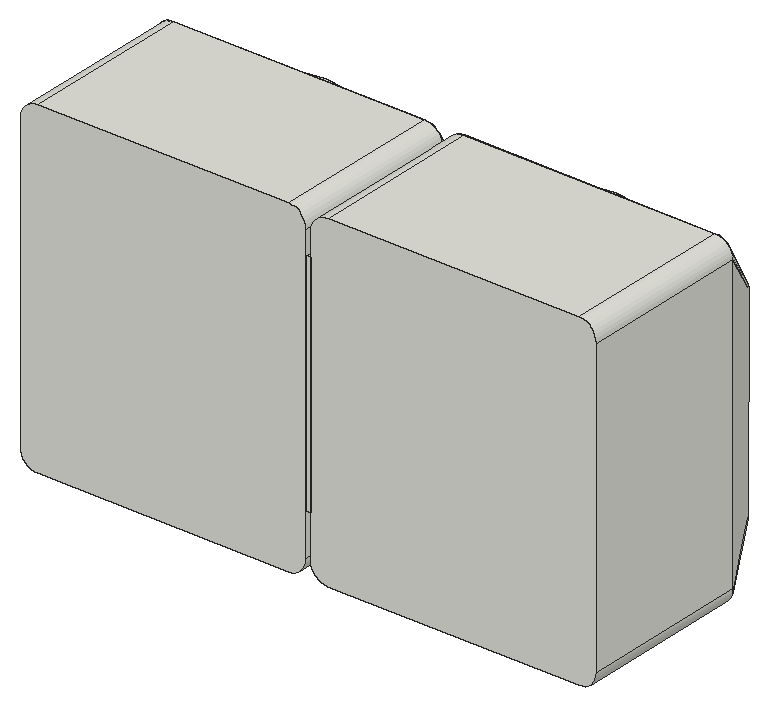
Revit family "IEK_Розетка_ОУ_C_ЗК_16А_2мст_IP54_ГЕРМЕС_PLUS", category Электрические приборы, Revit 2019
Family settings
  Сохранять ориентацию аннотаций = Да
  Размер круглого соединителя = Использовать диаметр
  Тип детали = Нормальный
  На основе рабочей плоскости = Нет
  Всегда вертикально = Да
  При загрузке вырезать с полостями = Нет
  Общий = Нет
  Точка расчета площади = Нет
Parameters (values of type "РСб22-3-ГПБб")
  Ширина = 147 mm  # constant formula
  Тип монтажа = "Поверхность монтажа (открытая установка)"  # constant formula
  Степень защиты = "IP54"  # constant formula
  Описание = "Изделия серии \"ГЕРМЕС PLUS\" используются в помещениях с повышенной влажностью или запыленностью, а также под навесом на открытом воздухе."
  Материал крышки = Цвет белый
  Изготовитель = "IEK"  # constant formula
  Диаметр_Короб [instance] = 16 mm
  Глубина = 52 mm  # constant formula
  Высота = 72 mm  # constant formula
  ΔХ [instance] = 2000 mm
  ΔY [instance] = 2000 mm
  URL = "https://www.iek.ru/"
  ADSK_Ток [instance] = 16 A  # constant formula
  ADSK_Примечание = ""
  ADSK_Полная мощность [instance] = ADSK_Номинальная мощность / ADSK_Коэффициент мощности  # 3520 VA
  ADSK_Позиция [instance] = ""
  ADSK_Номинальная мощность [instance] = ADSK_Ток * ADSK_Напряжение * sqrt(ADSK_Количество фаз числовое) * ADSK_Коэффициент мощности  # 3520 W
  ADSK_Напряжение = 220 V
  ADSK_Наименование краткое = "РСб22-3-ГПБб"
  ADSK_Наименование = "Розетка 2-местная для открытой установки РСб22-3-ГПБб с заземляющим контактом IP54 ГЕРМЕС PLUS (цвет крышки:белый) IEK"
  ADSK_Материал обозначение = ""
  ADSK_Материал наименование = "Пластик"  # constant formula
  ADSK_Материал = Цвет белый
  ADSK_Масса = 0.234
  ADSK_Марка = "ГЕРМЕС PLUS"  # constant formula
  ADSK_Коэффициент мощности [instance] = 1  # constant formula
  ADSK_Количество фаз числовое = 1
  ADSK_Количество фаз = 1
  ADSK_Код изделия = "ERMP22-K03-16-54-EC"
  ADSK_Классификация нагрузок [instance] = Прочее
  ADSK_Завод-изготовитель = Изготовитель  # "IEK"
  ADSK_Единица измерения = "шт."  # constant formula
  ADSK_Группирование = "Электроустановочные изделия низковольтные"  # constant formula
  ADSK_Версия семейства = "01.10.25"  # constant formula
  ADSK_Версия Revit = "v2019"  # constant formula
  ADSK_URL страницы изделия = "https://qr.iek.group/ERMP22-K03-16-54-EC"
Types (3, lengths in mm): name | Материал крышки | ADSK_Наименование краткое | ADSK_Наименование | ADSK_Масса | ADSK_Код изделия | ADSK_URL страницы изделия
  (no name) | Цвет белый | "РСб22-3-ГПБб" | "Розетка 2-местная для открытой установки РСб22-3-ГПБб с заземляющим контактом IP54 ГЕРМЕС PLUS (цвет крышки:белый) IEK" | 0.234 | "ERMP22-K03-16-54-EC" | "https://qr.iek.group/ERMP22-K03-16-54-EC"
  РСб22-3-ГПБб | Цвет белый | "РСб22-3-ГПБб" | "Розетка 2-местная для открытой установки РСб22-3-ГПБб с заземляющим контактом IP54 ГЕРМЕС PLUS (цвет крышки:белый) IEK" | 0.234 | "ERMP22-K03-16-54-EC" | "https://qr.iek.group/ERMP22-K03-16-54-EC"
  РСб22-3-ГПБд | Цвет дымчатый | "РСб22-3-ГПБд" | "Розетка 2-местная для открытой установки РСб22-3-ГПБд с заземляющим контактом IP54 ГЕРМЕС PLUS (цвет крышки: дымчатый) IEK" | 0.224 | "ERMP22-K01-16-54-EC" | "https://qr.iek.group/ERMP22-K01-16-54-EC"
Reference planes
  plane 1 "По центру (Вперед/Назад)": y = 0
  plane 2: z = 0
  plane 3 "По центру (Влево/Вправо)": x = 0
  plane 4 "Высота ножек": z = 280
  plane 5 "Высота": z = 2081.496
  plane 6: x = -2000
  plane 7: y = 2000
Forms (mm)
  Extrusion 1, solid, material "Цвет белый" <- "ADSK_Материал", detail levels fine
    sketch origin (-33, 0, 37.5) x (1, 0, 0) y (0, 0, -1)
      loop
        line (-32.5, 33.5) -> (-32.5, -33.45)
        arc (-32.5, -33.45) -> (-31.314, -36.314) -> (-28.45, -37.5) r 4.05
        line (-28.45, -37.5) -> (28.5, -37.5)
        arc (28.5, -37.5) -> (31.328, -36.328) -> (32.5, -33.5) r 4
        line (32.5, -33.5) -> (32.5, 33.5)
        arc (32.5, 33.5) -> (31.328, 36.328) -> (28.5, 37.5) r 4
        line (28.5, 37.5) -> (-28.5, 37.5)
        arc (-28.5, 37.5) -> (-31.328, 36.328) -> (-32.5, 33.5) r 4
    from 0 to 38.682
  Blend 2, solid, material "Цвет белый" <- "Материал крышки", detail levels fine
    base sketch origin (-33, 0, 37.5) x (1, 0, 0) y (0, 0, -1)
      loop
        line (-32.5, 33.5) -> (-32.5, -33.5)
        arc (-32.5, -33.5) -> (-31.328, -36.328) -> (-28.5, -37.5) r 4
        line (-28.5, -37.5) -> (28.5, -37.5)
        arc (28.5, -37.5) -> (31.328, -36.328) -> (32.5, -33.5) r 4
        line (32.5, -33.5) -> (32.5, 33.5)
        arc (32.5, 33.5) -> (31.328, 36.328) -> (28.5, 37.5) r 4
        line (28.5, 37.5) -> (-28.5, 37.5)
        arc (-28.5, 37.5) -> (-31.328, 36.328) -> (-32.5, 33.5) r 4
    top sketch origin (-33, 0, 37.5) x (1, 0, 0) y (0, 0, -1)
      loop
        line (-30.1, 23.034) -> (-30.1, -24.041)
        arc (-30.1, -24.041) -> (-29.819, -24.719) -> (-29.141, -25) r 0.959
        line (-29.141, -25) -> (29.141, -25)
        arc (29.141, -25) -> (29.819, -24.719) -> (30.1, -24.041) r 0.959
        line (30.1, -24.041) -> (30.1, 23.034)
        arc (30.1, 23.034) -> (29.819, 23.712) -> (29.141, 23.993) r 0.959
        line (29.141, 23.993) -> (-29.141, 23.993)
        arc (-29.141, 23.993) -> (-29.819, 23.712) -> (-30.1, 23.034) r 0.959
    from 38.682 to 46.099
  Extrusion 3, void
    sketch origin (-32.975, 0, 37.5) x (1, 0, 0) y (0, 0, -1)
      loop
        arc (-16.762, -9.964) -> (-0.012, -19.5) -> (16.75, -9.984) r 19.5
        line (16.75, -9.984) -> (16.75, -2.25) -> (19.37, -2.25)
        arc (19.37, -2.25) -> (19.5, 0) -> (19.37, 2.25) r 19.5
        line (19.37, 2.25) -> (16.75, 2.25) -> (16.75, 9.984)
        arc (16.75, 9.984) -> (0, 19.5) -> (-16.75, 9.984) r 19.5
        line (-16.75, 9.984) -> (-16.75, 2.25) -> (-19.37, 2.25)
        arc (-19.37, 2.25) -> (-19.5, 0) -> (-19.37, -2.25) r 19.5
        line (-19.37, -2.25) -> (-16.75, -2.25) -> (-16.762, -9.964)
    from 26.4 to 46.099
  Extrusion 4, void
    sketch origin (-32.975, 0, 37.5) x (1, 0, 0) y (0, 0, -1)
      loop
        circle (-9.525, 0) r 2.758
      loop
        circle (9.525, 0) r 2.758
    from 26.4 to 5.7
  Extrusion 5, void
    sketch origin (-33, 0, 39.041) x (1, 0, 0) y (0, 0, -1)
      loop
        arc (-28.5, -24.189) -> (-27.914, -25.603) -> (-26.5, -26.189) r 2
        line (-26.5, -26.189) -> (26.5, -26.189)
        arc (26.5, -26.189) -> (27.914, -25.603) -> (28.5, -24.189) r 2
        line (28.5, -24.189) -> (28.5, 37.041)
        arc (28.5, 37.041) -> (27.914, 38.456) -> (26.5, 39.041) r 2
        line (26.5, 39.041) -> (-26.5, 39.041)
        arc (-26.5, 39.041) -> (-27.914, 38.456) -> (-28.5, 37.041) r 2
        line (-28.5, 37.041) -> (-28.5, -24.189)
      loop
        line (5, 26.541) -> (-5, 26.541) -> (-15.069, 16.168)
        arc (-15.069, 16.168) -> (-21, 1.541) -> (-15.069, -13.085) r 21
        line (-15.069, -13.085) -> (-5, -23.459) -> (5, -23.459) -> (15.069, -13.085)
        arc (15.069, -13.085) -> (21, 1.541) -> (15.069, 16.168) r 21
        line (15.069, 16.168) -> (5, 26.541)
    from 38.682 to 46.099
  Extrusion 6, void
    sketch origin (-33, 0, 37.5) x (1, 0, 0) y (0, 0, -1)
      loop
        line (-22.764, -27) -> (-14.278, -27)
        arc (-14.278, -27) -> (0, -32.5) -> (14.278, -27) r 21.282
        line (14.278, -27) -> (22.764, -27) -> (22.764, 26.4) -> (-22.764, 26.4) -> (-22.764, -27)
    from 43.6 to 46.099
  Extrusion 7, solid, material "Цвет белый" <- "Материал крышки", detail levels fine
    sketch origin (-32.975, 0, 37.5) x (0, 0, -1) y (0, 1, 0)
      loop
        line (23.993, 46.099) -> (-27, 46.099) -> (-27, 45.121) -> (23.993, 45.121) -> (35.72, 38.682) -> (37.5, 38.682) -> (23.993, 46.099)
    from -28 to 28
  Extrusion 8, solid, material "Цвет белый" <- "Материал крышки", detail levels fine
    sketch origin (-32.975, 0, 37.5) x (1, 0, 0) y (0, 0, -1)
      loop
        arc (-14.278, -27) -> (0, -32.5) -> (14.278, -27) r 21.282
        line (14.278, -27) -> (-14.278, -27)
    from 45.121 to 46.099
  Blend 9, solid, material "Цвет белый" <- "Материал крышки", detail levels fine
    base sketch origin (33, 0, 37.5) x (1, 0, 0) y (0, 0, -1)
      loop
        line (-32.5, 33.5) -> (-32.5, -33.5)
        arc (-32.5, -33.5) -> (-31.328, -36.328) -> (-28.5, -37.5) r 4
        line (-28.5, -37.5) -> (28.5, -37.5)
        arc (28.5, -37.5) -> (31.328, -36.328) -> (32.5, -33.5) r 4
        line (32.5, -33.5) -> (32.5, 33.5)
        arc (32.5, 33.5) -> (31.328, 36.328) -> (28.5, 37.5) r 4
        line (28.5, 37.5) -> (-28.5, 37.5)
        arc (-28.5, 37.5) -> (-31.328, 36.328) -> (-32.5, 33.5) r 4
    top sketch origin (33, 0, 37.5) x (1, 0, 0) y (0, 0, -1)
      loop
        line (-30.1, 23.034) -> (-30.1, -24.041)
        arc (-30.1, -24.041) -> (-29.819, -24.719) -> (-29.141, -25) r 0.959
        line (-29.141, -25) -> (29.141, -25)
        arc (29.141, -25) -> (29.819, -24.719) -> (30.1, -24.041) r 0.959
        line (30.1, -24.041) -> (30.1, 23.034)
        arc (30.1, 23.034) -> (29.819, 23.712) -> (29.141, 23.993) r 0.959
        line (29.141, 23.993) -> (-29.141, 23.993)
        arc (-29.141, 23.993) -> (-29.819, 23.712) -> (-30.1, 23.034) r 0.959
    from 38.682 to 46.099
  Extrusion 10, solid, material "Цвет белый" <- "ADSK_Материал", detail levels fine
    sketch origin (33, 0, 37.5) x (1, 0, 0) y (0, 0, -1)
      loop
        line (-32.5, 33.5) -> (-32.5, -33.45)
        arc (-32.5, -33.45) -> (-31.314, -36.314) -> (-28.45, -37.5) r 4.05
        line (-28.45, -37.5) -> (28.5, -37.5)
        arc (28.5, -37.5) -> (31.328, -36.328) -> (32.5, -33.5) r 4
        line (32.5, -33.5) -> (32.5, 33.5)
        arc (32.5, 33.5) -> (31.328, 36.328) -> (28.5, 37.5) r 4
        line (28.5, 37.5) -> (-28.5, 37.5)
        arc (-28.5, 37.5) -> (-31.328, 36.328) -> (-32.5, 33.5) r 4
    from 0 to 38.682
  Extrusion 11, void
    sketch origin (33.025, 0, 37.5) x (1, 0, 0) y (0, 0, -1)
      loop
        arc (-16.762, -9.964) -> (-0.012, -19.5) -> (16.75, -9.984) r 19.5
        line (16.75, -9.984) -> (16.75, -2.25) -> (19.37, -2.25)
        arc (19.37, -2.25) -> (19.5, 0) -> (19.37, 2.25) r 19.5
        line (19.37, 2.25) -> (16.75, 2.25) -> (16.75, 9.984)
        arc (16.75, 9.984) -> (0, 19.5) -> (-16.75, 9.984) r 19.5
        line (-16.75, 9.984) -> (-16.75, 2.25) -> (-19.37, 2.25)
        arc (-19.37, 2.25) -> (-19.5, 0) -> (-19.37, -2.25) r 19.5
        line (-19.37, -2.25) -> (-16.75, -2.25) -> (-16.762, -9.964)
    from 26.4 to 46.099
  Extrusion 12, void
    sketch origin (33.025, 0, 37.5) x (1, 0, 0) y (0, 0, -1)
      loop
        circle (-9.525, 0) r 2.758
      loop
        circle (9.525, 0) r 2.758
    from 26.4 to 5.7
  Extrusion 13, void
    sketch origin (33, 0, 39.041) x (1, 0, 0) y (0, 0, -1)
      loop
        arc (-28.5, -24.189) -> (-27.914, -25.603) -> (-26.5, -26.189) r 2
        line (-26.5, -26.189) -> (26.5, -26.189)
        arc (26.5, -26.189) -> (27.914, -25.603) -> (28.5, -24.189) r 2
        line (28.5, -24.189) -> (28.5, 37.041)
        arc (28.5, 37.041) -> (27.914, 38.456) -> (26.5, 39.041) r 2
        line (26.5, 39.041) -> (-26.5, 39.041)
        arc (-26.5, 39.041) -> (-27.914, 38.456) -> (-28.5, 37.041) r 2
        line (-28.5, 37.041) -> (-28.5, -24.189)
      loop
        line (5, 26.541) -> (-5, 26.541) -> (-15.069, 16.168)
        arc (-15.069, 16.168) -> (-21, 1.541) -> (-15.069, -13.085) r 21
        line (-15.069, -13.085) -> (-5, -23.459) -> (5, -23.459) -> (15.069, -13.085)
        arc (15.069, -13.085) -> (21, 1.541) -> (15.069, 16.168) r 21
        line (15.069, 16.168) -> (5, 26.541)
    from 38.682 to 46.099
  Extrusion 14, void
    sketch origin (33, 0, 37.5) x (1, 0, 0) y (0, 0, -1)
      loop
        line (-22.764, -27) -> (-14.278, -27)
        arc (-14.278, -27) -> (0, -32.5) -> (14.278, -27) r 21.282
        line (14.278, -27) -> (22.764, -27) -> (22.764, 26.4) -> (-22.764, 26.4) -> (-22.764, -27)
    from 43.6 to 46.099
  Extrusion 15, solid, material "Цвет белый" <- "Материал крышки", detail levels fine
    sketch origin (33, 0, 37.5) x (0, 0, -1) y (0, 1, 0)
      loop
        line (23.993, 46.099) -> (-27, 46.099) -> (-27, 45.121) -> (23.993, 45.121) -> (35.72, 38.682) -> (37.5, 38.682) -> (23.993, 46.099)
    from -28 to 28
  Extrusion 16, solid, material "Цвет белый" <- "Материал крышки", detail levels fine
    sketch origin (33, 0, 37.5) x (1, 0, 0) y (0, 0, -1)
      loop
        arc (-14.278, -27) -> (0, -32.5) -> (14.278, -27) r 21.282
        line (14.278, -27) -> (-14.278, -27)
    from 45.121 to 46.099
  Extrusion 17, solid, material "Цвет белый" <- "ADSK_Материал", detail levels fine
    sketch origin (0, 0, 37.5) x (1, 0, 0) y (0, 0, -1)
      loop
        line (-0.5, 23.775) -> (-0.5, -28.284) -> (0.5, -28.284) -> (0.5, 23.775) -> (-0.5, 23.775)
    from 0 to 15
  Extrusion 18, solid, detail levels coarse
    sketch origin (0, 0, 0) x (1, 0, 0) y (0, 1, 0)
      loop
        line (-65.5, 0) -> (65.5, 0) -> (65.5, 46.099) -> (-65.5, 46.099) -> (-65.5, 0)
    from 0 to 75
  Extrusion 19, solid, detail levels medium
    sketch origin (0, 0, 0) x (1, 0, 0) y (0, 1, 0)
      loop
        line (-65.5, 46.099) -> (-65.5, 0) -> (65.5, 0) -> (65.5, 46.099) -> (-65.5, 46.099)
    from 0 to 75
Cuts and joins
  Extrusion 3, Extrusion 5, Extrusion 6 cuts Blend 2
  Extrusion 13, Extrusion 14 cuts Blend 9
  Extrusion 11, Extrusion 12, Extrusion 14 cuts Extrusion 10
  Extrusion 3, Extrusion 4 cuts Extrusion 1
Lines and regions (mm)
  reference lines
    curve 1: line (0, 44.647, 0) -> (0, -55.353, 0)
    curve 2: line (-23.829, 0, 0) -> (76.171, 0, 0)
Dimensions and locks
  locked: plane 4 "Высота ножек" to plane 2 at 280
  plane 5 "Высота" to plane 4 "Высота ножек" = 1801.496 mm
  "ΔХ": plane 6 to curve 1
  "ΔY": plane 7 to curve 2
  aligned and locked: level to plane 2
  aligned and locked: nested 1 to curve 1
  aligned and locked: curve 2 to nested 1
Automatic sketch dimensions
  level to Extrusion 1 sketch curve = 4 mm
  Extrusion 1 sketch curve to plane 3 "По центру (Влево/Вправо)" = 65.5 mm
  Extrusion 1 sketch curve to Extrusion 1 sketch curve = 4 mm
  Extrusion 1 sketch curve to Extrusion 1 sketch curve = 4.05 mm
  Extrusion 1 sketch curve to plane 3 "По центру (Влево/Вправо)" = 4.5 mm  (x2)
  Extrusion 1 sketch curve to plane 3 "По центру (Влево/Вправо)" = 0.5 mm
  level to Extrusion 1 sketch curve = 70.95 mm
  level to Blend 2 sketch curve = 4 mm
  Blend 2 sketch curve to plane 3 "По центру (Влево/Вправо)" = 65.5 mm
  Blend 2 sketch curve to Blend 2 sketch curve = 4 mm  (x2)
  Blend 2 sketch curve to plane 3 "По центру (Влево/Вправо)" = 4.5 mm  (x2)
  Blend 2 sketch curve to plane 3 "По центру (Влево/Вправо)" = 0.5 mm
  level to Blend 2 sketch curve = 71 mm
  level to Blend 2 sketch curve = 14.466 mm  (x2)
  Blend 2 sketch curve to plane 3 "По центру (Влево/Вправо)" = 63.1 mm
  Blend 2 sketch curve to Blend 2 sketch curve = 0.959 mm  (x2)
  Blend 2 sketch curve to plane 3 "По центру (Влево/Вправо)" = 3.859 mm  (x2)
  Blend 2 sketch curve to Blend 2 sketch curve = 47.076 mm
  Extrusion 3 sketch curve to Extrusion 3 sketch curve = 0 mm  (x14)
  level to Extrusion 3 sketch curve = 39.75 mm  (x2)
  Extrusion 3 sketch curve to plane 3 "По центру (Влево/Вправо)" = 52.345 mm
  Extrusion 3 sketch curve to Extrusion 3 sketch curve = 2.62 mm  (x4)
  Extrusion 3 sketch curve to Extrusion 3 sketch curve = 16.75 mm
  Extrusion 3 sketch curve to plane 3 "По центру (Влево/Вправо)" = 16.225 mm
  Extrusion 3 sketch curve to Extrusion 3 sketch curve = 7.734 mm  (x2)
  Extrusion 3 sketch curve to Extrusion 3 sketch curve = 2.25 mm
  Extrusion 3 sketch curve to Extrusion 3 sketch curve = 0.012 mm
  Extrusion 4 sketch curve to plane 3 "По центру (Влево/Вправо)" = 42.5 mm
  Extrusion 4 sketch curve to Extrusion 4 sketch curve = 19.049 mm
  level to Extrusion 4 sketch curve = 37.5 mm
  Extrusion 4 sketch curve to Extrusion 4 sketch curve = 0 mm
  Extrusion 5 sketch curve to Extrusion 5 sketch curve = 0 mm  (x2)
  Extrusion 5 sketch curve to plane 3 "По центру (Влево/Вправо)" = 61.5 mm
  Extrusion 5 sketch curve to Extrusion 5 sketch curve = 2 mm  (x3)
  level to Extrusion 5 sketch curve = 22.874 mm  (x2)
  Extrusion 5 sketch curve to Extrusion 5 sketch curve = 11.431 mm  (x2)
  level to Extrusion 5 sketch curve = 12.5 mm
  Extrusion 5 sketch curve to Extrusion 5 sketch curve = 10.069 mm  (x4)
  Extrusion 5 sketch curve to Extrusion 5 sketch curve = 15.069 mm
  Extrusion 5 sketch curve to Extrusion 5 sketch curve = 10 mm  (x2)
  Extrusion 5 sketch curve to plane 3 "По центру (Влево/Вправо)" = 6.5 mm  (x2)
  Extrusion 5 sketch curve to Extrusion 5 sketch curve = 14.626 mm
  Extrusion 5 sketch curve to Extrusion 5 sketch curve = 10.374 mm
  Extrusion 5 sketch curve to Extrusion 5 sketch curve = 11.104 mm
  level to Extrusion 5 sketch curve = 2 mm
  Extrusion 6 sketch curve to plane 3 "По центру (Влево/Вправо)" = 55.764 mm
  Extrusion 6 sketch curve to Extrusion 6 sketch curve = 8.486 mm  (x2)
  Extrusion 6 sketch curve to Extrusion 6 sketch curve = 14.278 mm
  Extrusion 6 sketch curve to plane 3 "По центру (Влево/Вправо)" = 18.722 mm
  level to Extrusion 6 sketch curve = 64.5 mm
  Extrusion 6 sketch curve to Extrusion 6 sketch curve = 15.782 mm
  level to Extrusion 6 sketch curve = 11.1 mm
  Extrusion 7 sketch curve to plane 1 "По центру (Вперед/Назад)" = 46.099 mm
  level to Extrusion 7 sketch curve = 64.5 mm
  level to Extrusion 7 sketch curve = 13.507 mm  (x2)
  level to Extrusion 7 sketch curve = 1.78 mm
  Extrusion 7 sketch curve to Extrusion 7 sketch curve = 1.78 mm
  Extrusion 7 sketch curve to Extrusion 7 sketch curve = 0.977 mm
  Extrusion 7 sketch curve to Extrusion 7 sketch curve = 6.439 mm
  Extrusion 8 sketch curve to plane 3 "По центру (Влево/Вправо)" = 47.253 mm
  Extrusion 8 sketch curve to Extrusion 8 sketch curve = 14.278 mm
  level to Extrusion 8 sketch curve = 64.5 mm
  Extrusion 8 sketch curve to Extrusion 8 sketch curve = 15.782 mm
  plane 3 "По центру (Влево/Вправо)" to Blend 9 sketch curve = 0.5 mm
  plane 3 "По центру (Влево/Вправо)" to Blend 9 sketch curve = 4.5 mm
  Blend 9 sketch curve to Blend 9 sketch curve = 4 mm  (x2)
  Blend 9 sketch curve to Blend 9 sketch curve = 57 mm  (x2)
  level to Blend 9 sketch curve = 4 mm
  level to Blend 9 sketch curve = 71 mm
  level to Blend 9 sketch curve = 14.466 mm  (x2)
  plane 3 "По центру (Влево/Вправо)" to Blend 9 sketch curve = 2.9 mm
  Blend 9 sketch curve to Blend 9 sketch curve = 0.959 mm  (x2)
  Blend 9 sketch curve to Blend 9 sketch curve = 58.283 mm
  Blend 9 sketch curve to Blend 9 sketch curve = 0 mm
  Blend 9 sketch curve to Blend 9 sketch curve = 47.076 mm
  plane 3 "По центру (Влево/Вправо)" to Extrusion 10 sketch curve = 0.5 mm
  Extrusion 10 sketch curve to Extrusion 10 sketch curve = 4 mm  (x2)
  plane 3 "По центру (Влево/Вправо)" to Extrusion 10 sketch curve = 4.55 mm
  Extrusion 10 sketch curve to Extrusion 10 sketch curve = 56.95 mm
  level to Extrusion 10 sketch curve = 4 mm
  Extrusion 10 sketch curve to Extrusion 10 sketch curve = 57 mm
  level to Extrusion 10 sketch curve = 70.95 mm
  Extrusion 11 sketch curve to Extrusion 11 sketch curve = 0 mm  (x14)
  plane 3 "По центру (Влево/Вправо)" to Extrusion 11 sketch curve = 13.655 mm
  Extrusion 11 sketch curve to Extrusion 11 sketch curve = 2.62 mm  (x4)
  Extrusion 11 sketch curve to Extrusion 11 sketch curve = 16.75 mm  (x2)
  level to Extrusion 11 sketch curve = 47.484 mm
  Extrusion 11 sketch curve to Extrusion 11 sketch curve = 7.734 mm  (x3)
  Extrusion 11 sketch curve to Extrusion 11 sketch curve = 2.25 mm
  Extrusion 11 sketch curve to Extrusion 11 sketch curve = 0.012 mm
  plane 3 "По центру (Влево/Вправо)" to Extrusion 12 sketch curve = 23.5 mm
  Extrusion 12 sketch curve to Extrusion 12 sketch curve = 19.049 mm
  level to Extrusion 12 sketch curve = 37.5 mm
  Extrusion 12 sketch curve to Extrusion 12 sketch curve = 0 mm
  Extrusion 13 sketch curve to Extrusion 13 sketch curve = 0 mm  (x2)
  plane 3 "По центру (Влево/Вправо)" to Extrusion 13 sketch curve = 4.5 mm
  Extrusion 13 sketch curve to Extrusion 13 sketch curve = 2 mm  (x3)
  level to Extrusion 13 sketch curve = 22.874 mm  (x2)
  plane 3 "По центру (Влево/Вправо)" to Extrusion 13 sketch curve = 17.931 mm
  Extrusion 13 sketch curve to Extrusion 13 sketch curve = 11.431 mm  (x3)
  level to Extrusion 13 sketch curve = 12.5 mm
  Extrusion 13 sketch curve to Extrusion 13 sketch curve = 10.069 mm  (x4)
  Extrusion 13 sketch curve to Extrusion 13 sketch curve = 15.069 mm
  Extrusion 13 sketch curve to Extrusion 13 sketch curve = 10 mm  (x2)
  Extrusion 13 sketch curve to Extrusion 13 sketch curve = 14.626 mm
  Extrusion 13 sketch curve to Extrusion 13 sketch curve = 10.374 mm
  Extrusion 13 sketch curve to Extrusion 13 sketch curve = 11.104 mm
  level to Extrusion 13 sketch curve = 2 mm
  plane 3 "По центру (Влево/Вправо)" to Extrusion 14 sketch curve = 10.236 mm
  Extrusion 14 sketch curve to Extrusion 14 sketch curve = 8.486 mm  (x2)
  Extrusion 14 sketch curve to Extrusion 14 sketch curve = 14.278 mm  (x2)
  level to Extrusion 14 sketch curve = 64.5 mm
  Extrusion 14 sketch curve to Extrusion 14 sketch curve = 15.782 mm
  level to Extrusion 14 sketch curve = 11.1 mm
  Extrusion 15 sketch curve to plane 1 "По центру (Вперед/Назад)" = 46.099 mm
  level to Extrusion 15 sketch curve = 64.5 mm
  level to Extrusion 15 sketch curve = 13.507 mm  (x2)
  level to Extrusion 15 sketch curve = 1.78 mm
  Extrusion 15 sketch curve to Extrusion 15 sketch curve = 1.78 mm
  Extrusion 15 sketch curve to Extrusion 15 sketch curve = 0.977 mm
  Extrusion 15 sketch curve to Extrusion 15 sketch curve = 6.439 mm
  plane 3 "По центру (Влево/Вправо)" to Extrusion 16 sketch curve = 18.722 mm
  Extrusion 16 sketch curve to Extrusion 16 sketch curve = 14.278 mm
  level to Extrusion 16 sketch curve = 64.5 mm
  Extrusion 16 sketch curve to Extrusion 16 sketch curve = 15.782 mm
  Extrusion 17 sketch curve to plane 3 "По центру (Влево/Вправо)" = 0.5 mm
  plane 3 "По центру (Влево/Вправо)" to Extrusion 17 sketch curve = 0.5 mm
  level to Extrusion 17 sketch curve = 65.784 mm
  level to Extrusion 17 sketch curve = 13.725 mm
  plane 1 "По центру (Вперед/Назад)" to Extrusion 18 sketch curve = 0 mm
  Extrusion 18 sketch curve to plane 3 "По центру (Влево/Вправо)" = 65.5 mm
  plane 3 "По центру (Влево/Вправо)" to Extrusion 18 sketch curve = 65.5 mm
  Extrusion 18 sketch curve to plane 1 "По центру (Вперед/Назад)" = 46.099 mm
  plane 1 "По центру (Вперед/Назад)" to Extrusion 19 sketch curve = 0 mm
  Extrusion 19 sketch curve to plane 3 "По центру (Влево/Вправо)" = 65.5 mm
  plane 3 "По центру (Влево/Вправо)" to Extrusion 19 sketch curve = 65.5 mm
  Extrusion 19 sketch curve to Extrusion 19 sketch curve = 46.099 mm
  curve 2 to plane 3 "По центру (Влево/Вправо)" = 23.829 mm
  plane 3 "По центру (Влево/Вправо)" to curve 2 = 76.171 mm
  plane 1 "По центру (Вперед/Назад)" to curve 1 = 55.353 mm
  curve 1 to plane 1 "По центру (Вперед/Назад)" = 44.647 mm
  radius of Extrusion 4 sketch curve = 2.758 mm  (x2)
  radius of Extrusion 12 sketch curve = 2.758 mm  (x2)
Nested families
  nested 1: "УГО Розетки" at (0, 0, 0), type "2PE-O", detail levels coarse+medium
    with Количество в блоке "2Б", Блок розеток yes, IP44 yes
Connectors
  electrical at (0, 0, 39.754), driven by "ADSK_Количество фаз", driven by "ADSK_Классификация нагрузок", driven by "ADSK_Напряжение", driven by "ADSK_Полная мощность", driven by "ADSK_Коэффициент мощности"
    settings: on Extrusion 17, index 1, voltage 220 V, apparent load 0 VA, apparent load phase1 3520 VA, apparent load phase2 0 VA, apparent load phase3 0 VA, power factor 1, load classification "Прочее", number of poles 1, system type 30, power factor state 1, is connector primary yes, connector utility no, sub classification motor no, connector description ""
  cabletrayconduit at (33.025, 19.341, 75), diameter 16, driven by "Диаметр_Короб"
    settings: on cut or joined group of Extrusion 10, Extrusion 11, Extrusion 12, Extrusion 14, index 2, connector width 300 mm, connector height 300 mm, connector angle 0.00°, system type 32, placement type 0, profile type 0, connector reference index -1, is primary connector yes, connector utility param no, connector description ""
  cabletrayconduit at (-32.975, 19.341, 75), diameter 16, driven by "Диаметр_Короб"
    settings: on cut or joined group of Extrusion 1, Extrusion 3, Extrusion 4, index 3, connector width 300 mm, connector height 300 mm, connector angle 0.00°, system type 32, placement type 0, profile type 0, connector reference index -1, is primary connector no, connector utility param no, connector description ""
Definition of nested family "УГО Розетки"
  Parameters (values of type "3PE-O")
    Количество в блоке [instance] = ""
    Блок розеток [instance] = no
    IP44 [instance] = no
    3PE-O = yes
    3PE-C = no
    2PE-O = no
    2PE-C = no
    2P-O = no
    2P-C = no
  Types (6, lengths in mm): name | 3PE-O | 3PE-C | 2PE-O | 2PE-C | 2P-O | 2P-C
    2P-O | no | no | no | no | yes | no
    3PE-O | yes | no | no | no | no | no
    2P-C | no | no | no | no | no | yes
    2PE-C | no | no | no | yes | no | no
    2PE-O | no | no | yes | no | no | no
    3PE-C | no | yes | no | no | no | no
  Reference planes
    plane 1: y = 0
    plane 2: x = 0
  Lines and regions (mm)
    Filled region 1, type "Цветовая область 1", visible <- "IP44"
      outline origin (0, 0, 0) x (1, 0, 0) y (0, 1, 0)
        loop
          line (-2.5, 0) -> (2.5, 0)
          arc (2.5, 0) -> (0, 2.5) -> (-2.5, 0) r 2.5
    Filled region 2, type "Цветовая область 1", visible <- "IP44", not visible
      outline origin (0, 0, 0) x (1, 0, 0) y (0, 1, 0)
        loop
          line (-2.5, 4.664) -> (2.5, 4.664)
          arc (2.5, 4.664) -> (0, 7.164) -> (-2.5, 4.664) r 2.5
    detail lines
      curve 1: line (-2.5, 0, 0) -> (2.5, 0, 0)
      curve 3: line (0, 2.5, 0) -> (0, 5, 0)
      curve 4: arc (-2.5, 0, 0) -> (0, 2.5, 0) -> (2.5, 0, 0) r 2.5
    detail lines, visible <- "3PE-C"
      curve 2: line (0, 0, 0) -> (0, 2.5, 0)
      curve 5: line (-2.5, 2.5, 0) -> (2.5, 2.5, 0)
      curve 17: line (0, 2.5, 0) -> (1.768, 4.268, 0)
      curve 18: line (0, 2.5, 0) -> (-1.768, 4.268, 0)
    detail lines, not visible
      curve 6: line (-2.5, 4.664, 0) -> (2.5, 4.664, 0)
      curve 8: line (0, 7.164, 0) -> (0, 9.664, 0)
      curve 9: arc (-2.5, 4.664, 0) -> (0, 7.164, 0) -> (2.5, 4.664, 0) r 2.5
    detail lines, visible <- "3PE-C", not visible
      curve 7: line (0, 4.664, 0) -> (0, 7.164, 0)
      curve 10: line (-2.5, 7.164, 0) -> (2.5, 7.164, 0)
      curve 23: line (0, 7.164, 0) -> (1.768, 8.932, 0)
      curve 24: line (0, 7.164, 0) -> (-1.768, 8.932, 0)
    detail lines, visible <- "3PE-O"
      curve 11: line (-2.5, 2.5, 0) -> (2.5, 2.5, 0)
      curve 19: line (0, 2.5, 0) -> (1.768, 4.268, 0)
      curve 20: line (0, 2.5, 0) -> (-1.768, 4.268, 0)
    detail lines, visible <- "3PE-O", not visible
      curve 12: line (-2.5, 7.164, 0) -> (2.5, 7.164, 0)
      curve 25: line (0, 7.164, 0) -> (1.768, 8.932, 0)
      curve 26: line (0, 7.164, 0) -> (-1.768, 8.932, 0)
    detail lines, visible <- "2PE-C"
      curve 13: line (0, 0, 0) -> (0, 2.5, 0)
      curve 22: line (-2.5, 2.5, 0) -> (2.5, 2.5, 0)
    detail lines, visible <- "2P-C"
      curve 14: line (0, 0, 0) -> (0, 2.5, 0)
    detail lines, visible <- "2PE-C", not visible
      curve 15: line (0, 4.664, 0) -> (0, 7.164, 0)
      curve 28: line (-2.5, 7.164, 0) -> (2.5, 7.164, 0)
    detail lines, visible <- "2P-C", not visible
      curve 16: line (0, 4.664, 0) -> (0, 7.164, 0)
    detail lines, visible <- "2PE-O"
      curve 21: line (-2.5, 2.5, 0) -> (2.5, 2.5, 0)
    detail lines, visible <- "2PE-O", not visible
      curve 27: line (-2.5, 7.164, 0) -> (2.5, 7.164, 0)
    reference lines
      curve 29: line (100, 9.605, 0) -> (100, -3.971, 0)
  Text (mm)
    label "3" at (1.908, 5.573, 0), shows "Количество в блоке", visible <- "Блок розеток"
    label "3" at (1.908, 10.237, 0), shows "Количество в блоке", visible <- "Блок розеток", not visible
  Dimensions and locks
    aligned and locked: Filled region 1 sketch curve to curve 4
    aligned and locked: Filled region 2 sketch curve to curve 9
